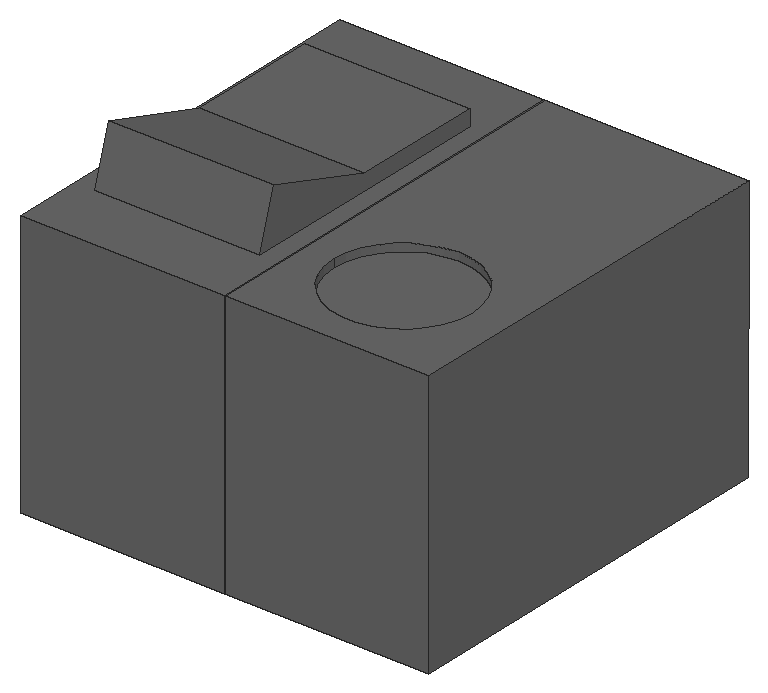
Revit family "Domotics-DomesticRanges-GEWISS-SYSTEM_PROTECTION-ONE-WAY_SWITCH_RCBO", category Apparecchi elettrici, host Superficie, Revit 2016
Family settings
  Host = Superficie
  Mantenere orientamento annotazione = Sì
  Tipo di parte = Normale
  Quota connettore circolare = Usa diametro
  Taglio con vuoti quando caricato = No
  Condiviso = Sì
  Punto di calcolo locali = Sì
Parameters (values of type "GW21450 - RCBO-1P+N C16 idn 30ma 230V 3kA black")
  Voltage: = "230V ac"
  Voltage = "230V ac"
  Volt = 230 V
  Vista in pianta [instance] = yes
  Version file RFA = "19.4"
  URL = "https://www.gewiss.com/ww/en"
  Type: = "A"
  Type = "Miniature circuit breaker + residual current device"
  Technical sheet = "https://www.gewiss.com/ww/en/search?q=GW21450"
  TIPO = System Int Magnetot.Differenziale_GENERICO : NERO
  Simbolo [instance] = yes
  SEO = "RCCB"
  Realized by GEWISS S.p.A. = ""
  Rated residual operating current = "30MA"
  Rated current (In) = "16"
  Rated current (A) = "16"
  Default Elevation = 1219.2 mm
  Produttore = "GEWISS S.p.A."
  Offset interruttore [instance] = 0 mm
  Offset bidimensionale [instance] = 2 mm
  No. SYSTEM modules = "2"
  N. poli = 1
  Modello = "GW21450"
  Immagine tipo = GW21450.jpg
  Idn = "30MA"
  IFC.TypeObject = ""
  IFC.ExportType = ""
  IFC.ExportAs = ""
  IDT = "7dbccad0-54d6-49f8-8b47-8e5b81d17638"
  IDF = "34736507-47ea-4ef1-b0f9-27655b7c507a"
  Electrocod = "0131"
  EAN code = "8011564129252"
  Distanza_x [instance] = 0 mm
  Distanza_effettiva_x [instance] = 1000 mm - Distanza_x  # 1000 mm
  Descrizione = "RCBO-1P+N C16 IDN 30MA 230V 3KA SY/BK"
  Description: = "Two-pole (1P+N)"
  Description. = "One-way switch (1P+N)"
  Curve = "C"
  Colour = "Black"
  Catalogue Range = "SYSTEM - DOMESTIC RANGE"
  Catalogue = "DOMOTICS"
  Carico apparente = 0 VA
  COBie.Tagnumber = ""
  COBie.CreatedOn = ""
  COBie.CreatebBy = ""
  COBie.ComponentRegisterItemID = ""
  COBie.Component.TagNumber = ""
  COBie.Component.Space = ""
  COBie.Component.SerialNumber = ""
  COBie.Component.InstallationDate = ""
  COBie.Component.Description = ""
  COBie.Component.BarCode = ""
  Breaking capacity = "3KA"
Types (12, lengths in mm): name | Technical sheet | TIPO | Rated residual operating current | Rated current (In) | Rated current (A) | Modello | Immagine tipo | Idn | IDT | EAN code | Descrizione | Colour
  GW20437 - RCBO-1P+N C6 idn 10ma 230V 3kA white | "https://www.gewiss.com/ww/en/search?q=GW20437" | System Int Magnetot.Differenziale_GENERICO : BIANCO | "10MA" | "6" | "6" | "GW20437" | GW20438.jpg | "10MA" | "8b8e169f-3926-4601-b401-2287963aee39" | "8011564079694" | "RCBO-1P+N C6 IDN 10MA 230V 3KA SY/WT" | "White"
  GW20438 - RCBO-1P+N C10 idn 10ma 230V 3kA white | "https://www.gewiss.com/ww/en/search?q=GW20438" | System Int Magnetot.Differenziale_GENERICO : BIANCO | "10MA" | "10" | "10" | "GW20438" | GW20438.jpg | "10MA" | "8ca694c2-51b5-443a-a7ea-59ee34ebc38c" | "8011564079700" | "RCBO-1P+N C10 IDN 10MA 230V 3KA SY/WT" | "White"
  GW20439 - RCBO-1P+N C16 idn 10ma 230V 3kA white | "https://www.gewiss.com/ww/en/search?q=GW20439" | System Int Magnetot.Differenziale_GENERICO : BIANCO | "10MA" | "16" | "16" | "GW20439" | GW20439.jpg | "10MA" | "3b331033-01a8-49a4-a059-f9274b420c88" | "8011564079717" | "RCBO-1P+N C16 IDN 10MA 230V 3KA SY/WT" | "White"
  GW20448 - RCBO-1P+N C6 idn 30ma 230V 3kA white | "https://www.gewiss.com/ww/en/search?q=GW20448" | System Int Magnetot.Differenziale_GENERICO : BIANCO | "30MA" | "6" | "6" | "GW20448" | GW20448.jpg | "30MA" | "6809cfba-cf53-466e-aca2-714bd10d49c8" | "8011564113008" | "RCBO-1P+N C6 IDN 30MA 230V 3KA SY/WT" | "White"
  GW20449 - RCBO-1P+N C10 idn 30ma 230V 3kA white | "https://www.gewiss.com/ww/en/search?q=GW20449" | System Int Magnetot.Differenziale_GENERICO : BIANCO | "30MA" | "10" | "10" | "GW20449" | GW20449.jpg | "30MA" | "6ca2c770-c8c8-49e6-b00a-2d6a0c58cd36" | "8011564113015" | "RCBO-1P+N C10 IDN 30MA 230V 3KA SY/WT" | "White"
  GW20450 - RCBO-1P+N C16 idn 30ma 230V 3kA white | "https://www.gewiss.com/ww/en/search?q=GW20450" | System Int Magnetot.Differenziale_GENERICO : BIANCO | "30MA" | "16" | "16" | "GW20450" | GW20450.jpg | "30MA" | "70d65e52-88f7-4044-a571-bc76a0ed7526" | "8011564113022" | "RCBO-1P+N C16 IDN 30MA 230V 3KA SY/WT" | "White"
  GW21437 - RCBO-1P+N C6 idn 10ma 230V 3kA black | "https://www.gewiss.com/ww/en/search?q=GW21437" | System Int Magnetot.Differenziale_GENERICO : NERO | "10MA" | "6" | "6" | "GW21437" | GW21437.jpg | "10MA" | "ddc9e1eb-5fe9-478c-aa46-9eee7125c200" | "8011564129207" | "RCBO-1P+N C6 IDN 10MA 230V 3KA SY/BK" | "Black"
  GW21438 - RCBO-1P+N C10 idn 10ma 230V 3kA black | "https://www.gewiss.com/ww/en/search?q=GW21438" | System Int Magnetot.Differenziale_GENERICO : NERO | "10MA" | "10" | "10" | "GW21438" | GW21438.jpg | "10MA" | "9bc3e023-75b8-4020-9b98-bb7e9f44d90a" | "8011564129214" | "RCBO-1P+N C10 IDN 10MA 230V 3KA SY/BK" | "Black"
  GW21439 - RCBO-1P+N C16 idn 10ma 230V 3kA black | "https://www.gewiss.com/ww/en/search?q=GW21439" | System Int Magnetot.Differenziale_GENERICO : NERO | "10MA" | "16" | "16" | "GW21439" | GW21439.jpg | "10MA" | "e95fbbbd-4a88-4dc7-bf3a-b593e87fa1b7" | "8011564129221" | "RCBO-1P+N C16 IDN 10MA 230V 3KA SY/BK" | "Black"
  GW21448 - RCBO-1P+N C6 idn 30ma 230V 3kA black | "https://www.gewiss.com/ww/en/search?q=GW21448" | System Int Magnetot.Differenziale_GENERICO : NERO | "30MA" | "6" | "6" | "GW21448" | GW21448.jpg | "30MA" | "e5821932-d81d-44b8-8a2e-fe881606328a" | "8011564129238" | "RCBO-1P+N C6 IDN 30MA 230V 3KA SY/BK" | "Black"
  GW21449 - RCBO-1P+N C10 idn 30ma 230V 3kA black | "https://www.gewiss.com/ww/en/search?q=GW21449" | System Int Magnetot.Differenziale_GENERICO : NERO | "30MA" | "10" | "10" | "GW21449" | GW21449.jpg | "30MA" | "03d14d34-cc5b-4a61-8218-266d528ac6c0" | "8011564129245" | "RCBO-1P+N C10 IDN 30MA 230V 3KA SY/BK" | "Black"
  GW21450 - RCBO-1P+N C16 idn 30ma 230V 3kA black | "https://www.gewiss.com/ww/en/search?q=GW21450" | System Int Magnetot.Differenziale_GENERICO : NERO | "30MA" | "16" | "16" | "GW21450" | GW21450.jpg | "30MA" | "7dbccad0-54d6-49f8-8b47-8e5b81d17638" | "8011564129252" | "RCBO-1P+N C16 IDN 30MA 230V 3KA SY/BK" | "Black"
Reference planes
  plane 1 "Centro (Fronte/Retro)": y = 0
  plane 2: z = 0
  plane 3 "Centro (Sinistra/Destra)": x = 0
  plane 4: x = -1000
  plane 5: x = 0
  plane 6: z = 0
  plane 7: z = 32
  plane 8: z = 30
Lines and regions (mm)
  Masking region 1, visible <- "Vista in pianta"
    outline origin (0, 0, 0) x (1, 0, 0) y (0, 1, 0)
      loop
        line (-23, 22.5) -> (-23, -22.5) -> (23, -22.5) -> (23, 22.5) -> (-23, 22.5)
  Masking region 2, visible <- "Vista in pianta"
    outline origin (0, 0, 0) x (1, 0, 0) y (0, 0, 1)
      loop
        line (-23, 30) -> (-23, 0) -> (23, 0) -> (23, 30) -> (-23, 30)
  Masking region 3, visible <- "Vista in pianta"
    outline origin (0, 0, 0) x (0, 1, 0) y (0, 0, 1)
      loop
        line (-22.5, 30) -> (-22.5, 0) -> (22.5, 0) -> (22.5, 30) -> (-22.5, 30)
Dimensions and locks
  plane 4 to plane 3 "Centro (Sinistra/Destra)" = 1000 mm
  "Distanza_effettiva_x": plane 4 to plane 5
  "Offset interruttore": plane 6 to plane 2
  "Offset bidimensionale": plane 7 to plane 8
  locked: plane 8 to plane 6 at 30
  aligned and locked: plane 2 to host face
  aligned and locked: level to host face
  aligned and locked: plane 3 "Centro (Sinistra/Destra)" to nested 1
  aligned and locked: plane 1 "Centro (Fronte/Retro)" to nested 1
  aligned and locked: plane 5 to nested 2
  aligned and locked: Masking region 1 sketch curve to nested 1  (x4)
  aligned and locked: Masking region 2 sketch curve to nested 1  (x3)
  aligned and locked: nested 1 to Masking region 2 sketch curve
  aligned and locked: Masking region 3 sketch curve to nested 1  (x4)
  aligned and locked: nested 1 to plane 6
  aligned and locked: plane 8 to nested 1
  aligned and locked: plane 7 to import instance
  aligned and locked: import instance to plane 3 "Centro (Sinistra/Destra)"
  aligned and locked: plane 1 "Centro (Fronte/Retro)" to import instance
Automatic sketch dimensions
  host sketch curve to host sketch curve = 2438.4 mm  (x2)
Nested families
  nested 1: "System Int Magnetot.Differenziale_GENERICO" at (0, 0, 0), type <- "TIPO", type "NERO", detail levels medium+fine
  nested 2: "SIMBOLO INTERRUTTORI" at (0, 100, 0), SIMBOLO <- "Simbolo", visible <- "Simbolo", type "INTAUTMAGNDIFF"
    with SIMBOLO yes, Distanza dal muro 4.208 mm, BORDO ACCESO yes
Connectors
  electrical at (-11.5, 0, 0), driven by "N. poli", driven by "Volt", driven by "Carico apparente"
    settings: on nested 1, index 1, voltage 230 V, apparent load 0 VA, apparent load phase1 0 VA, apparent load phase2 0 VA, apparent load phase3 0 VA, power factor 1, load classification "Altro", number of poles 1, system type 31, power factor state 1, is connector primary yes, connector utility no, sub classification motor no, connector description ""
Definition of nested family "System Int Magnetot.Differenziale_GENERICO"
  Parameters (values of type "BIANCO")
    Finitura System Differeziale = none
    Altezza da Terra = 750 mm
  Types (2): name
    BIANCO
    NERO
  Reference planes
    plane 1 "Centro (Fronte/Retro)": y = 0
    plane 2: z = 0
    plane 3 "Centro (Sinistra/Destra)": x = 0
    plane 4: y = -22.5
    plane 5: y = 22.5
    plane 6: x = -20.796
    plane 7: x = -2.204
    plane 8: y = 14.786
    plane 9: y = -14.786
    plane 10: y = 0
    plane 11: y = 15.286
    plane 12: y = -15.286
    plane 13: x = -21.296
    plane 14: x = -1.704
    plane 15: x = -23
    plane 16: x = 23
    plane 17 "Asse  differenziale": x = 11.5
    plane 18: y = -11.294
    plane 19: z = 4.099
    plane 20: y = -3.479
    plane 21: y = -19.108
    plane 22: z = 9.301
    plane 23: x = 4.2
    plane 24: x = 18.8
    plane 25: y = -3.979
    plane 26: y = -18.608
  Forms (mm)
    Extrusion 1, solid, material <- "Finitura System Differeziale"
      sketch origin (0, -772.5, 5) x (1, 0, 0) y (0, 1, 0)
        loop
          line (-23, 795) -> (-23, 750) -> (0, 750) -> (0, 795) -> (-23, 795)
      from 25 to -5
    Extrusion 2, solid, material <- "Finitura System Differeziale"
      sketch origin (0, -772.5, 30.869) x (0, 0, -1) y (0, 1, 0)
        loop
          line (0.901, 787.286) -> (-0.901, 787.286) -> (-0.901, 772.5) -> (-5.298, 759.658) -> (0.901, 757.714) -> (0.901, 787.286)
      from -20.796 to -2.204
    Extrusion 3, solid, material <- "Finitura System Differeziale"
      sketch origin (0, -772.5, 5) x (1, 0, 0) y (0, 1, 0)
        loop
          line (0, 795) -> (0, 750) -> (23, 750) -> (23, 795) -> (0, 795)
      from 25 to -5
    Extrusion 4, void
      sketch origin (-0.325, -772.5, 30) x (1, 0, 0) y (0, 1, 0)
        loop
          circle (11.5, 761.206) r 7.815
      from -0.901 to 0
  Cuts and joins
    Extrusion 4 cuts Extrusion 3
  Dimensions and locks
    locked: plane 6 to plane 13 at 0.5
    locked: plane 7 to plane 14 at 0.5
    locked: plane 17 "Asse  differenziale" to plane 3 "Centro (Sinistra/Destra)" at 11.5
    locked: plane 5 to plane 4 at 45
    locked: plane 15 to plane 16 at 46
    aligned and locked: level to plane 2
    aligned and locked: plane 6 to Extrusion 2
    aligned and locked: Extrusion 2 to plane 7
    aligned and locked: cut or joined group of Extrusion 3, Extrusion 4 to plane 2
Definition of nested family "SIMBOLO INTERRUTTORI"
  Parameters (values of type "INAUTMAGN")
    TIPO SIMBOLO = SIMBOLO INTERRUTTORI_BASE : INTAUTMAGN
    SIMBOLO [instance] = yes
    Distanza dal muro [instance] = 4.208 mm
    BORDO ACCESO [instance] = yes
  Types (10, lengths in mm): name | TIPO SIMBOLO
    INT1P | SIMBOLO INTERRUTTORI_BASE : INT1P
    INT1PLUM | SIMBOLO INTERRUTTORI_BASE : INT1PLUM
    INT2P | SIMBOLO INTERRUTTORI_BASE : INT2P
    INT2PLUM | SIMBOLO INTERRUTTORI_BASE : INT2PLUM
    INTCHIAVE | SIMBOLO INTERRUTTORI_BASE : INTCHIAVE
    RELE | SIMBOLO INTERRUTTORI_BASE : RELE
    RELE M | SIMBOLO INTERRUTTORI_BASE : RELE M
    RELE PP | SIMBOLO INTERRUTTORI_BASE : RELE PP
    INTAUTMAGNDIFF | SIMBOLO INTERRUTTORI_BASE : INTAUTMAGNDIFF
    INAUTMAGN | SIMBOLO INTERRUTTORI_BASE : INTAUTMAGN
  Reference planes
    plane 1: y = 0
    plane 2: x = 0
  Lines and regions (mm)
    detail lines, visible <- "BORDO ACCESO", not visible
      curve 1: line (-2.25, 0.412, 0) -> (2.25, 0.412, 0)
      curve 2: line (2.25, 0.412, 0) -> (2.25, -5.588, 0)
      curve 3: line (2.25, -5.588, 0) -> (-2.25, -5.588, 0)
      curve 4: line (-2.25, -5.588, 0) -> (-2.25, 0.412, 0)
      curve 30: line (-1.85, 0.012, 0) -> (1.85, 0.012, 0)
      curve 31: line (1.85, 0.012, 0) -> (1.85, -5.188, 0)
      curve 32: line (1.85, -5.188, 0) -> (-1.85, -5.188, 0)
      curve 33: line (-1.85, -5.188, 0) -> (-1.85, 0.012, 0)
      curve 34: line (-2.25, 6, 0) -> (2.25, 6, 0)
      curve 35: line (2.25, 6, 0) -> (2.25, 0, 0)
      curve 36: line (2.25, 0, 0) -> (-2.25, 0, 0)
      curve 37: line (-2.25, 0, 0) -> (-2.25, 6, 0)
      curve 61: line (-1.85, 5.6, 0) -> (1.85, 5.6, 0)
      curve 62: line (1.85, 5.6, 0) -> (1.85, 0.4, 0)
      curve 63: line (1.85, 0.4, 0) -> (-1.85, 0.4, 0)
      curve 64: line (-1.85, 0.4, 0) -> (-1.85, 5.6, 0)
    detail lines, not visible
      curve 5: line (-9.473, -5.588, 0) -> (10.527, -5.588, 0)
      curve 6: circle (-0.56, -0.487, 0) r 0.969 normal (0, 0, 1)
      curve 7: line (-0.005, 0.306, 0) -> (0.852, 1.529, 0)
      curve 8: line (0.852, 1.529, 0) -> (1.529, 1.047, 0)
      curve 9: circle (-0.56, -315.487, 0) r 0.969 normal (0, 0, 1)
      curve 10: line (-0.005, -314.694, 0) -> (0.852, -313.471, 0)
      curve 11: line (0.852, -313.471, 0) -> (1.529, -313.953, 0)
      curve 12: line (-1.245, -314.803, 0) -> (0.124, -316.172, 0)
      curve 13: line (0.124, -314.803, 0) -> (-1.245, -316.172, 0)
      curve 14: circle (-0.56, -480.487, 0) r 0.969 normal (0, 0, 1)
      curve 15: line (-0.005, -479.694, 0) -> (0.852, -478.471, 0)
      curve 16: line (0.852, -478.471, 0) -> (1.529, -478.953, 0)
      curve 17: line (0.493, -478.983, 0) -> (1.167, -479.462, 0)
      curve 18: circle (-0.56, -880.487, 0) r 0.969 normal (0, 0, 1)
      curve 19: line (-0.005, -879.694, 0) -> (0.852, -878.471, 0)
      curve 20: line (0.852, -878.471, 0) -> (1.529, -878.953, 0)
      curve 21: line (-1.245, -879.803, 0) -> (0.124, -881.172, 0)
      curve 22: line (0.124, -879.803, 0) -> (-1.245, -881.172, 0)
      curve 23: line (0.493, -878.983, 0) -> (1.167, -879.462, 0)
      curve 24: circle (-0.56, -365.487, 0) r 0.969 normal (0, 0, 1)
      curve 25: line (-0.005, -364.694, 0) -> (0.852, -363.471, 0)
      curve 26: line (0.852, -363.471, 0) -> (1.529, -363.953, 0)
      curve 27: line (-0.56, -364.925, 0) -> (-0.56, -366.05, 0)
      curve 28: line (0.493, -363.983, 0) -> (1.167, -364.462, 0)
      curve 29: line (0, 3.621, 0) -> (0, -16.379, 0)
      curve 38: circle (-0.56, 2.417, 0) r 0.969 normal (0, 0, 1)
      curve 39: line (-0.005, 3.21, 0) -> (0.852, 4.433, 0)
      curve 40: line (0.852, 4.433, 0) -> (1.529, 3.951, 0)
      curve 41: circle (-0.56, 2.417, 0) r 0.969 normal (0, 0, 1)
      curve 42: line (-0.005, 3.21, 0) -> (0.852, 4.433, 0)
      curve 43: line (0.852, 4.433, 0) -> (1.529, 3.951, 0)
      curve 44: line (-1.245, 3.102, 0) -> (0.124, 1.732, 0)
      curve 45: line (0.124, 3.102, 0) -> (-1.245, 1.732, 0)
      curve 46: circle (-0.56, 2.417, 0) r 0.969 normal (0, 0, 1)
      curve 47: line (-0.005, 3.21, 0) -> (0.852, 4.433, 0)
      curve 48: line (0.852, 4.433, 0) -> (1.529, 3.951, 0)
      curve 49: circle (-0.56, 2.417, 0) r 0.969 normal (0, 0, 1)
      curve 50: line (-0.005, 3.21, 0) -> (0.852, 4.433, 0)
      curve 51: line (0.852, 4.433, 0) -> (1.529, 3.951, 0)
      curve 52: line (-1.245, 3.102, 0) -> (0.124, 1.732, 0)
      curve 53: line (0.124, 3.102, 0) -> (-1.245, 1.732, 0)
      curve 54: line (0.493, 3.921, 0) -> (1.167, 3.442, 0)
      curve 55: line (0.493, 3.921, 0) -> (1.167, 3.442, 0)
      curve 56: circle (-0.56, 2.417, 0) r 0.969 normal (0, 0, 1)
      curve 57: line (-0.005, 3.21, 0) -> (0.852, 4.433, 0)
      curve 58: line (0.852, 4.433, 0) -> (1.529, 3.951, 0)
      curve 59: line (-0.56, 2.979, 0) -> (-0.56, 1.854, 0)
      curve 60: line (0.493, 3.921, 0) -> (1.167, 3.442, 0)
  Dimensions and locks
    aligned and locked: curve 5 to curve 3
    aligned and locked: plane 2 to nested 1
    aligned and locked: plane 1 to nested 1
  Nested families
    nested 1: "SIMBOLO INTERRUTTORI_BASE" at (0, 0, 0), type <- "TIPO SIMBOLO", BORDO ACCESO <- "BORDO ACCESO", visible <- "SIMBOLO", type "INTAUTMAGN"
      with BORDO ACCESO yes
  Definition of nested family "SIMBOLO INTERRUTTORI_BASE"
    Parameters (values of type "RELE PP")
      RELE PP = yes
      RELE M = no
      RELE = yes
      INTCHIAVE = no
      INTAUTMAGNDIFF = no
      INT2PLUM = no
      INT2P = no
      INT1PLUM = no
      INT1P = no
      INATUMAGN = no
      Distanza dal muro = 4.208 mm
      BORDO ACCESO [instance] = yes
    Types (10, lengths in mm): name | RELE PP | RELE M | RELE | INTCHIAVE | INTAUTMAGNDIFF | INT2PLUM | INT2P | INT1PLUM | INT1P | INATUMAGN
      INT1P | no | no | no | no | no | no | no | no | yes | no
      INT1PLUM | no | no | no | no | no | no | no | yes | no | no
      INT2P | no | no | no | no | no | no | yes | no | no | no
      INT2PLUM | no | no | no | no | no | yes | no | no | no | no
      INTCHIAVE | no | no | no | yes | no | no | no | no | no | no
      RELE | no | no | yes | no | no | no | no | no | no | no
      RELE M | no | yes | yes | no | no | no | no | no | no | no
      RELE PP | yes | no | yes | no | no | no | no | no | no | no
      INTAUTMAGNDIFF | no | no | no | no | yes | no | no | no | no | no
      INTAUTMAGN | no | no | no | no | no | no | no | no | no | yes
    Reference planes
      plane 1: y = 0
      plane 2: x = 0
    Lines and regions (mm)
      detail lines, visible <- "BORDO ACCESO", not visible
        curve 1: line (-2.25, 0.412, 0) -> (2.25, 0.412, 0)
        curve 2: line (2.25, 0.412, 0) -> (2.25, -5.588, 0)
        curve 3: line (2.25, -5.588, 0) -> (-2.25, -5.588, 0)
        curve 4: line (-2.25, -5.588, 0) -> (-2.25, 0.412, 0)
        curve 53: line (-1.85, 0.012, 0) -> (1.85, 0.012, 0)
        curve 54: line (1.85, 0.012, 0) -> (1.85, -5.188, 0)
        curve 55: line (1.85, -5.188, 0) -> (-1.85, -5.188, 0)
        curve 56: line (-1.85, -5.188, 0) -> (-1.85, 0.012, 0)
        curve 57: line (-2.25, 6, 0) -> (2.25, 6, 0)
        curve 58: line (2.25, 6, 0) -> (2.25, 0, 0)
        curve 59: line (2.25, 0, 0) -> (-2.25, 0, 0)
        curve 60: line (-2.25, 0, 0) -> (-2.25, 6, 0)
        curve 84: line (-1.85, 5.6, 0) -> (1.85, 5.6, 0)
        curve 85: line (1.85, 5.6, 0) -> (1.85, 0.4, 0)
        curve 86: line (1.85, 0.4, 0) -> (-1.85, 0.4, 0)
        curve 87: line (-1.85, 0.4, 0) -> (-1.85, 5.6, 0)
      detail lines, not visible
        curve 5: line (-9.473, -5.588, 0) -> (10.527, -5.588, 0)
        curve 52: line (0, 3.621, 0) -> (0, -16.379, 0)
      detail lines, visible <- "INT1P"
        curve 6: circle (-0.285, 0.931, 0) r 0.531 normal (0, 0, 1)
        curve 7: line (0.02, 1.365, 0) -> (0.489, 2.035, 0)
        curve 8: line (0.489, 2.035, 0) -> (0.86, 1.771, 0)
      detail lines, visible <- "INT1P", not visible
        curve 9: circle (-0.56, -0.487, 0) r 0.969 normal (0, 0, 1)
        curve 10: line (-0.005, 0.306, 0) -> (0.852, 1.529, 0)
        curve 11: line (0.852, 1.529, 0) -> (1.529, 1.047, 0)
        curve 61: circle (-0.56, 2.417, 0) r 0.969 normal (0, 0, 1)
        curve 62: line (-0.005, 3.21, 0) -> (0.852, 4.433, 0)
        curve 63: line (0.852, 4.433, 0) -> (1.529, 3.951, 0)
        curve 112: circle (-0.285, 2.181, 0) r 0.531 normal (0, 0, 1)
        curve 113: line (0.02, 2.615, 0) -> (0.489, 3.285, 0)
        curve 114: line (0.489, 3.285, 0) -> (0.86, 3.021, 0)
      detail lines, visible <- "INT1PLUM"
        curve 12: circle (-0.285, 0.931, 0) r 0.531 normal (0, 0, 1)
        curve 13: line (0.02, 1.365, 0) -> (0.489, 2.035, 0)
        curve 14: line (0.489, 2.035, 0) -> (0.86, 1.771, 0)
        curve 15: line (-0.66, 1.306, 0) -> (0.091, 0.555, 0)
        curve 16: line (0.091, 1.306, 0) -> (-0.66, 0.555, 0)
      detail lines, visible <- "INT1PLUM", not visible
        curve 17: circle (-0.56, -315.487, 0) r 0.969 normal (0, 0, 1)
        curve 18: line (-0.005, -314.694, 0) -> (0.852, -313.471, 0)
        curve 19: line (0.852, -313.471, 0) -> (1.529, -313.953, 0)
        curve 20: line (-1.245, -314.803, 0) -> (0.124, -316.172, 0)
        curve 21: line (0.124, -314.803, 0) -> (-1.245, -316.172, 0)
        curve 64: circle (-0.56, 2.417, 0) r 0.969 normal (0, 0, 1)
        curve 65: line (-0.005, 3.21, 0) -> (0.852, 4.433, 0)
        curve 66: line (0.852, 4.433, 0) -> (1.529, 3.951, 0)
        curve 67: line (-1.245, 3.102, 0) -> (0.124, 1.732, 0)
        curve 68: line (0.124, 3.102, 0) -> (-1.245, 1.732, 0)
        curve 115: circle (-0.285, 2.181, 0) r 0.531 normal (0, 0, 1)
        curve 116: line (0.02, 2.615, 0) -> (0.489, 3.285, 0)
        curve 117: line (0.489, 3.285, 0) -> (0.86, 3.021, 0)
        curve 118: line (-0.66, 2.556, 0) -> (0.091, 1.805, 0)
        curve 119: line (0.091, 2.556, 0) -> (-0.66, 1.805, 0)
      detail lines, visible <- "INT2P"
        curve 22: circle (-0.285, 0.931, 0) r 0.531 normal (0, 0, 1)
        curve 23: line (0.02, 1.365, 0) -> (0.489, 2.035, 0)
        curve 24: line (0.489, 2.035, 0) -> (0.86, 1.771, 0)
        curve 30: line (0.293, 1.755, 0) -> (0.662, 1.492, 0)
      detail lines, visible <- "INT2PLUM"
        curve 25: circle (-0.285, 0.931, 0) r 0.531 normal (0, 0, 1)
        curve 26: line (0.02, 1.365, 0) -> (0.489, 2.035, 0)
        curve 27: line (0.489, 2.035, 0) -> (0.86, 1.771, 0)
        curve 28: line (-0.66, 1.306, 0) -> (0.091, 0.555, 0)
        curve 29: line (0.091, 1.306, 0) -> (-0.66, 0.555, 0)
        curve 31: line (0.293, 1.755, 0) -> (0.662, 1.492, 0)
      detail lines, visible <- "INT2P", not visible
        curve 32: circle (-0.56, -480.487, 0) r 0.969 normal (0, 0, 1)
        curve 33: line (-0.005, -479.694, 0) -> (0.852, -478.471, 0)
        curve 34: line (0.852, -478.471, 0) -> (1.529, -478.953, 0)
        curve 35: line (0.493, -478.983, 0) -> (1.167, -479.462, 0)
        curve 69: circle (-0.56, 2.417, 0) r 0.969 normal (0, 0, 1)
        curve 70: line (-0.005, 3.21, 0) -> (0.852, 4.433, 0)
        curve 71: line (0.852, 4.433, 0) -> (1.529, 3.951, 0)
        curve 77: line (0.493, 3.921, 0) -> (1.167, 3.442, 0)
        curve 120: circle (-0.285, 2.181, 0) r 0.531 normal (0, 0, 1)
        curve 121: line (0.02, 2.615, 0) -> (0.489, 3.285, 0)
        curve 122: line (0.489, 3.285, 0) -> (0.86, 3.021, 0)
        curve 128: line (0.293, 3.005, 0) -> (0.662, 2.742, 0)
      detail lines, visible <- "INT2PLUM", not visible
        curve 36: circle (-0.56, -880.487, 0) r 0.969 normal (0, 0, 1)
        curve 37: line (-0.005, -879.694, 0) -> (0.852, -878.471, 0)
        curve 38: line (0.852, -878.471, 0) -> (1.529, -878.953, 0)
        curve 39: line (-1.245, -879.803, 0) -> (0.124, -881.172, 0)
        curve 40: line (0.124, -879.803, 0) -> (-1.245, -881.172, 0)
        curve 41: line (0.493, -878.983, 0) -> (1.167, -879.462, 0)
        curve 72: circle (-0.56, 2.417, 0) r 0.969 normal (0, 0, 1)
        curve 73: line (-0.005, 3.21, 0) -> (0.852, 4.433, 0)
        curve 74: line (0.852, 4.433, 0) -> (1.529, 3.951, 0)
        curve 75: line (-1.245, 3.102, 0) -> (0.124, 1.732, 0)
        curve 76: line (0.124, 3.102, 0) -> (-1.245, 1.732, 0)
        curve 78: line (0.493, 3.921, 0) -> (1.167, 3.442, 0)
        curve 123: circle (-0.285, 2.181, 0) r 0.531 normal (0, 0, 1)
        curve 124: line (0.02, 2.615, 0) -> (0.489, 3.285, 0)
        curve 125: line (0.489, 3.285, 0) -> (0.86, 3.021, 0)
        curve 126: line (-0.66, 2.556, 0) -> (0.091, 1.805, 0)
        curve 127: line (0.091, 2.556, 0) -> (-0.66, 1.805, 0)
        curve 129: line (0.293, 3.005, 0) -> (0.662, 2.742, 0)
      detail lines, visible <- "INTCHIAVE"
        curve 42: circle (-0.285, 0.931, 0) r 0.531 normal (0, 0, 1)
        curve 43: line (0.02, 1.365, 0) -> (0.489, 2.035, 0)
        curve 44: line (0.489, 2.035, 0) -> (0.86, 1.771, 0)
        curve 45: line (-0.285, 1.25, 0) -> (-0.285, 0.622, 0)
        curve 46: line (0.293, 1.755, 0) -> (0.662, 1.492, 0)
      detail lines, visible <- "INTCHIAVE", not visible
        curve 47: circle (-0.56, -365.487, 0) r 0.969 normal (0, 0, 1)
        curve 48: line (-0.005, -364.694, 0) -> (0.852, -363.471, 0)
        curve 49: line (0.852, -363.471, 0) -> (1.529, -363.953, 0)
        curve 50: line (-0.56, -364.925, 0) -> (-0.56, -366.05, 0)
        curve 51: line (0.493, -363.983, 0) -> (1.167, -364.462, 0)
        curve 79: circle (-0.56, 2.417, 0) r 0.969 normal (0, 0, 1)
        curve 80: line (-0.005, 3.21, 0) -> (0.852, 4.433, 0)
        curve 81: line (0.852, 4.433, 0) -> (1.529, 3.951, 0)
        curve 82: line (-0.56, 2.979, 0) -> (-0.56, 1.854, 0)
        curve 83: line (0.493, 3.921, 0) -> (1.167, 3.442, 0)
        curve 130: circle (-0.285, 2.181, 0) r 0.531 normal (0, 0, 1)
        curve 131: line (0.02, 2.615, 0) -> (0.489, 3.285, 0)
        curve 132: line (0.489, 3.285, 0) -> (0.86, 3.021, 0)
        curve 133: line (-0.285, 2.5, 0) -> (-0.285, 1.872, 0)
        curve 134: line (0.293, 3.005, 0) -> (0.662, 2.742, 0)
      detail lines, visible <- "RELE"
        curve 88: line (-0.795, 1.705, 0) -> (0.795, 1.705, 0)
        curve 89: line (-0.795, 0.796, 0) -> (-0.795, 1.705, 0)
        curve 90: line (0.795, 0.796, 0) -> (-0.795, 0.796, 0)
        curve 91: line (0.795, 1.705, 0) -> (0.795, 0.796, 0)
        curve 92: line (0, 1.705, 0) -> (0, 2.027, 0)
        curve 93: line (0, 0.796, 0) -> (0, 0.483, 0)
      detail lines, visible <- "RELE M"
        curve 94: line (0.29, 1.606, 0) -> (-0.29, 0.891, 0)
        curve 95: line (0.29, 1.606, 0) -> (0.501, 1.606, 0)
        curve 96: line (-0.29, 0.891, 0) -> (-0.511, 0.891, 0)
      detail lines, visible <- "RELE PP"
        curve 97: line (0, 1.606, 0) -> (0, 0.891, 0)
        curve 98: line (-0.245, 0.891, 0) -> (0, 0.891, 0)
        curve 99: line (0.189, 1.606, 0) -> (0, 1.606, 0)
      detail lines, visible <- "RELE", not visible
        curve 100: line (-1.85, -1.48, 0) -> (1.053, -1.48, 0)
        curve 101: line (-1.85, -3.139, 0) -> (-1.85, -1.48, 0)
        curve 102: line (1.053, -3.139, 0) -> (-1.85, -3.139, 0)
        curve 103: line (1.053, -1.48, 0) -> (1.053, -3.139, 0)
        curve 104: line (-0.399, -1.48, 0) -> (-0.399, -0.893, 0)
        curve 105: line (-0.399, -3.139, 0) -> (-0.399, -3.727, 0)
        curve 135: line (-0.795, 2.955, 0) -> (0.795, 2.955, 0)
        curve 136: line (-0.795, 2.046, 0) -> (-0.795, 2.955, 0)
        curve 137: line (0.795, 2.046, 0) -> (-0.795, 2.046, 0)
        curve 138: line (0.795, 2.955, 0) -> (0.795, 2.046, 0)
        curve 139: line (0, 2.955, 0) -> (0, 3.277, 0)
        curve 140: line (0, 2.046, 0) -> (0, 1.733, 0)
      detail lines, visible <- "RELE M", not visible
        curve 106: line (0.13, -1.659, 0) -> (-0.927, -2.964, 0)
        curve 107: line (0.13, -1.659, 0) -> (0.544, -1.659, 0)
        curve 108: line (-0.927, -2.964, 0) -> (-1.341, -2.964, 0)
        curve 141: line (0.29, 2.856, 0) -> (-0.29, 2.141, 0)
        curve 142: line (0.29, 2.856, 0) -> (0.501, 2.856, 0)
        curve 143: line (-0.29, 2.141, 0) -> (-0.511, 2.141, 0)
      detail lines, visible <- "RELE PP", not visible
        curve 109: line (-0.399, -1.659, 0) -> (-0.399, -2.964, 0)
        curve 110: line (-0.799, -2.964, 0) -> (-0.399, -2.964, 0)
        curve 111: line (0.001, -1.659, 0) -> (-0.399, -1.659, 0)
        curve 144: line (0, 2.856, 0) -> (0, 2.141, 0)
        curve 145: line (-0.245, 2.141, 0) -> (0, 2.141, 0)
        curve 146: line (0.189, 2.856, 0) -> (0, 2.856, 0)
    Dimensions and locks
      aligned and locked: curve 5 to curve 3
